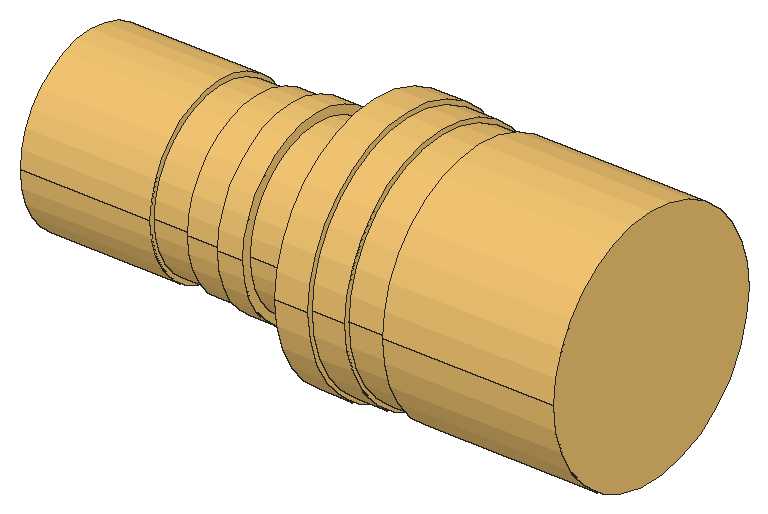
Revit family "VTm.403.BG_переход", category Соединительные детали трубопроводов, Revit 2019
Family settings
  Размер круглого соединителя = Использовать диаметр
  Тип детали = Переход
  На основе рабочей плоскости = Нет
  Всегда вертикально = Да
  При загрузке вырезать с полостями = Нет
  Общий = Нет
Parameters
  Таблица = "VTm.403.BG_переход"
  Описание = "Фитинг аксиальный универсальный – фитинг надвижной прямой"  # constant formula
  built-in parameter 1114242 [instance] = 1
  Изготовитель = "VALTEC"  # constant formula
  Группа модели = "Аксиальные фитинги универсальные"  # constant formula
  msg [instance] = size_lookup(Таблица, "msg", 0 mm, Du1, Du2)  # 68 mm
  msf [instance] = size_lookup(Таблица, "msf", 0 mm, Du1, Du2)  # 95 mm
  g4 [instance] = dn2 - 1 mm  # 28 mm
  g3 [instance] = dn2 + 1 mm  # 30 mm
  g2 [instance] = dn1 - 1 mm  # 20 mm
  g1 [instance] = dn1 + 1 mm  # 22 mm
  dn2 [instance] = size_lookup(Таблица, "dn2", 0 mm, Du1, Du2)  # 29 mm
  dn1 [instance] = size_lookup(Таблица, "dn1", 0 mm, Du1, Du2)  # 21 mm
  d [instance] = size_lookup(Таблица, "d", 0 mm, Du1, Du2)  # 20 mm
  b [instance] = size_lookup(Таблица, "b", 0 mm, Du1, Du2)  # 4 mm
  a [instance] = size_lookup(Таблица, "a", 0 mm, Du1, Du2)  # 3 mm
  URL = "https://valtec.ru/"
  L2 [instance] = size_lookup(Таблица, "L2", 0 mm, Du1, Du2)  # 29 mm
  L1 [instance] = size_lookup(Таблица, "L1", 0 mm, Du1, Du2)  # 24 mm
  L [instance] = size_lookup(Таблица, "L", 0 mm, Du1, Du2)  # 7 mm
  Du2 [instance] = 25 mm
  Du1 [instance] = 16 mm
  ADSK_Позиция [instance] = ""
  ADSK_Обозначение [instance] = "VTm.403.BG"  # constant formula
  ADSK_Наименование [instance] = size_lookup(Таблица, "", "Данный типоразмер отсутствует", Du1, Du2)  # "Фитинг аксиальный универсальный – фитинг надвижной прямой 25 (3,5) мм х 16 (2,2) мм"
  ADSK_Материал [instance] = Латунь -CW614N
  ADSK_Масса_фитинга [instance] = msf / 1000 mm  # 0.095
  ADSK_Масса_гильзы [instance] = msg / 1000 mm  # 0.068
  ADSK_Код изделия - фитинг [instance] = size_lookup(Таблица, "Код продукта", "Данный типоразмер отсутствует", Du1, Du2)  # "VTm.403.BG.002516"
  ADSK_Код изделия - гильза [instance] = size_lookup(Таблица, "Код гильза", "Данный типоразмер отсутствует", Du1, Du2)  # "VTm.400.BG.001622-VTm.400.BG.002535"
  ADSK_Завод-изготовитель [instance] = Изготовитель  # "VALTEC"
  ADSK_Единица измерения [instance] = "шт."  # constant formula
  ADSK_URL страницы изделия [instance] = "https://valtec.ru/catalog/sistemy_metallopolimernyh_i_polimernyh_truboprovodov/aksialnye_fitingi_universalnye/fiting_aksialnyj_universalnyj_fiting_nadvijnoj_pryamoj.html"
  ADSK_URL документации изделия [instance] = "https://valtec.ru/document/technical/VTm.400.BG-0321.pdf"
Reference planes
  plane 1 "По центру (Вперед/Назад)": y = 0
  plane 2: z = 0
  plane 3 "По центру (Влево/Вправо)": x = 0
  plane 4: x = 3.5
  plane 5: x = -3.5
  plane 6: x = -6.5
  plane 7: x = -10
  plane 8: x = -15
  plane 9: x = -30.5
  plane 10: x = 7.5
  plane 11: x = 11.5
  plane 12: x = 16
  plane 13: x = 36.5
Forms (mm)
  Extrusion 1, solid, material "Латунь -CW614N" <- "ADSK_Материал", detail levels fine
    sketch origin (0, 0, 0) x (0, 1, 0) y (0, 0, 1)
      loop
        circle (0, 0) r 10
    from -3.5 to 3.5
  Extrusion 2, solid, material "Латунь -CW614N" <- "ADSK_Материал", detail levels fine
    sketch origin (0, 0.413, 0) x (0, 1, 0) y (0, 0, 1)
      loop
        circle (-0.413, 0) r 11
    from -6.5 to -3.5
  Extrusion 3, solid, material "Латунь -CW614N" <- "ADSK_Материал", detail levels fine
    sketch origin (0, 17.151, 0) x (0, 1, 0) y (0, 0, 1)
      loop
        circle (-17.151, 0) r 10.5
    from -10.5 to -6.5
  Extrusion 4, solid, material "Латунь -CW614N" <- "ADSK_Материал", detail levels fine
    sketch origin (0, 0, 0) x (0, 1, 0) y (0, 0, 1)
      loop
        circle (0, 0) r 10
    from -15 to -10.5
  Extrusion 5, solid, material "Латунь -CW614N" <- "ADSK_Материал", detail levels fine
    sketch origin (0, 0, 0) x (0, 1, 0) y (0, 0, 1)
      loop
        circle (0, 0) r 10.5
    from -30.5 to -15
  Extrusion 6, solid, material "Латунь -CW614N" <- "ADSK_Материал", detail levels fine
    sketch origin (0, 0, 0) x (0, 1, 0) y (0, 0, 1)
      loop
        circle (0, 0) r 15
    from 3.5 to 7.5
  Extrusion 7, solid, material "Латунь -CW614N" <- "ADSK_Материал", detail levels fine
    sketch origin (0, 0, 0) x (0, 1, 0) y (0, 0, 1)
      loop
        circle (0, 0) r 14.5
    from 7.5 to 11.5
  Extrusion 8, solid, material "Латунь -CW614N" <- "ADSK_Материал", detail levels fine
    sketch origin (0, 0, 0) x (0, 1, 0) y (0, 0, 1)
      loop
        circle (0, 0) r 14
    from 11.5 to 16
  Extrusion 9, solid, material "Латунь -CW614N" <- "ADSK_Материал", detail levels fine
    sketch origin (0, 0, 0) x (0, 1, 0) y (0, 0, 1)
      loop
        circle (0, 0) r 14.5
    from 16 to 36.5
Dimensions and locks
  equal spacing: plane 5, plane 3 "По центру (Влево/Вправо)", plane 4
  "L": plane 5 to plane 4
  plane 8 to plane 7 = 5 mm
  plane 7 to Extrusion 3 = 3.5 mm
  "a": plane 6 to plane 5
  "L1": plane 9 to plane 6
  "b": plane 4 to plane 10
  locked: plane 10 to plane 11 at 4
  locked: plane 11 to plane 12 at 4.5
  "L2": plane 10 to plane 13
  "g1": diameter of Extrusion 2 sketch curve
  "d": diameter of Extrusion 1 sketch curve
  "dn1": diameter of Extrusion 3 sketch curve
  "g2": diameter of Extrusion 4 sketch curve
  "dn1": diameter of Extrusion 5 sketch curve
  "g3": diameter of Extrusion 6 sketch curve
  "dn2": diameter of Extrusion 7 sketch curve
  "g4": diameter of Extrusion 8 sketch curve
  "dn2": diameter of Extrusion 9 sketch curve
  aligned and locked: level to plane 2
  aligned and locked: Extrusion 1 to plane 5
  aligned and locked: plane 4 to Extrusion 1
  aligned and locked: Extrusion 2 to plane 6
  aligned and locked: plane 5 to Extrusion 2
  aligned and locked: plane 6 to Extrusion 3
  aligned and locked: Extrusion 4 to plane 8
  aligned and locked: Extrusion 2 to Extrusion 1
  aligned and locked: level to Extrusion 2 sketch curve
  aligned and locked: plane 1 "По центру (Вперед/Назад)" to Extrusion 2 sketch curve
  aligned and locked: plane 1 "По центру (Вперед/Назад)" to Extrusion 3 sketch curve
  aligned and locked: level to Extrusion 3 sketch curve
  aligned and locked: plane 1 "По центру (Вперед/Назад)" to Extrusion 1 sketch curve
  aligned and locked: level to Extrusion 1 sketch curve
  aligned and locked: plane 1 "По центру (Вперед/Назад)" to Extrusion 4 sketch curve
  aligned and locked: level to Extrusion 4 sketch curve
  aligned and locked: plane 1 "По центру (Вперед/Назад)" to Extrusion 5 sketch curve
  aligned and locked: level to Extrusion 5 sketch curve
  aligned and locked: Extrusion 5 to plane 9
  aligned and locked: Extrusion 5 to Extrusion 4
  aligned and locked: plane 1 "По центру (Вперед/Назад)" to Extrusion 6 sketch curve
  aligned and locked: level to Extrusion 6 sketch curve
  aligned and locked: Extrusion 6 to plane 4
  aligned and locked: Extrusion 6 to plane 10
  aligned and locked: plane 1 "По центру (Вперед/Назад)" to Extrusion 7 sketch curve
  aligned and locked: level to Extrusion 7 sketch curve
  aligned and locked: Extrusion 7 to plane 10
  aligned and locked: Extrusion 7 to plane 11
  aligned and locked: plane 1 "По центру (Вперед/Назад)" to Extrusion 8 sketch curve
  aligned and locked: level to Extrusion 8 sketch curve
  aligned and locked: Extrusion 8 to plane 11
  aligned and locked: plane 12 to Extrusion 8
  aligned and locked: plane 1 "По центру (Вперед/Назад)" to Extrusion 9 sketch curve
  aligned and locked: level to Extrusion 9 sketch curve
  aligned and locked: Extrusion 9 to plane 12
  aligned and locked: Extrusion 9 to plane 13
  aligned and locked: plane 3 "По центру (Влево/Вправо)" to nested 1
  aligned and locked: plane 1 "По центру (Вперед/Назад)" to nested 1
Nested families
  nested 1: "условный вид_1" at (0, 0, 0), type "условный вид_1", detail levels coarse+medium
Connectors
  piping at (-6.5, 0, 0), diameter 16, driven by "Du1"
    settings: on Extrusion 2, index 1, connector inside diameter 609.6 mm, connector length 0 mm, flow factor 0, pipe flow 0.0 L/s, pressure drop 0.0 Pa, fitting loss kfactor 0, connector angle 0.00°, fixture units 0, engagement length 0 mm, angle of deflection 0.00°, flow configuration 0, flow direction 0, fitting loss method 0, system type 29, joint type 0, gender type 0, connector reference index -1, connector utility 0, adjustable connector no, is connector primary yes, connector description ""
  piping at (7.5, 0, 0), diameter 25, driven by "Du2"
    settings: on Extrusion 6, index 2, connector inside diameter 609.6 mm, connector length 0 mm, flow factor 0, pipe flow 0.0 L/s, pressure drop 0.0 Pa, fitting loss kfactor 0, connector angle 0.00°, fixture units 0, engagement length 0 mm, angle of deflection 0.00°, flow configuration 0, flow direction 0, fitting loss method 0, system type 29, joint type 0, gender type 0, connector reference index -1, connector utility 0, adjustable connector no, is connector primary no, connector description ""
Definition of nested family "условный вид_1"
  Reference planes
    plane 1: y = 0
    plane 2: x = 0
  Lines and regions (mm)
    Filled region 1, type "Цветовая область 1"
      outline origin (0, 0, 0) x (1, 0, 0) y (0, 1, 0)
        loop
          line (-15, 10) -> (-15, -10) -> (15, 0) -> (-15, 10)
    detail lines
      curve 1: line (-15, 10, 0) -> (15, 0, 0)
      curve 2: line (-15, 10, 0) -> (-15, -10, 0)
      curve 3: line (-15, -10, 0) -> (15, 0, 0)
  Dimensions and locks
    aligned and locked: Filled region 1 sketch curve to curve 1
    aligned and locked: Filled region 1 sketch curve to curve 2
    aligned and locked: Filled region 1 sketch curve to curve 3
